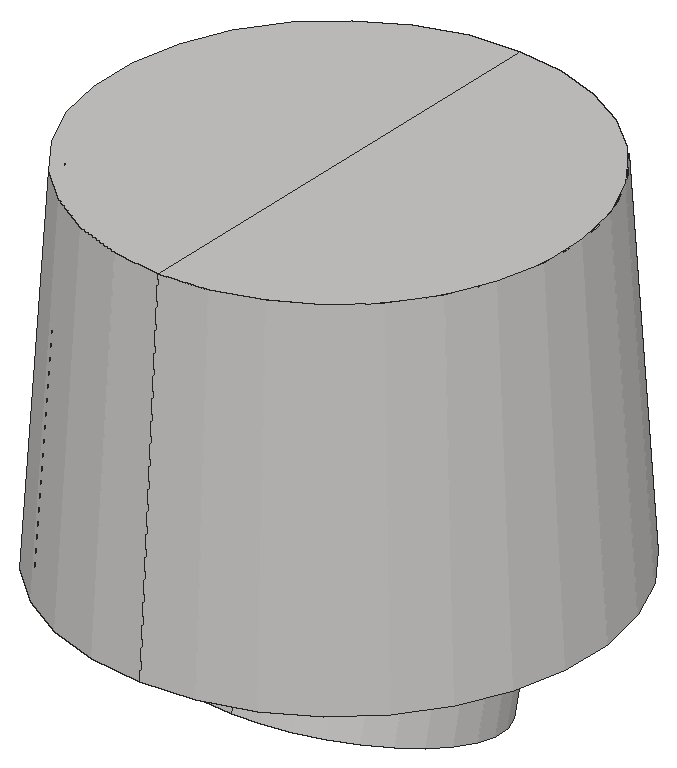
Revit family
Parameters (values of type "120V")
  Wattage = 9.2903 W
  WATT = "50W"
  built-in parameter 1150110 = 1 (stored number, unit not read)
  built-in parameter 1114217 = 1 (stored number, unit not read)
  Tilt Angle = Angle LF  # 15.00°
  built-in parameter 1150109 = 1 (stored number, unit not read)
  built-in parameter 1150134 = 1
  TYPE = "L2"
  built-in parameter 1150113 = 1 (stored number, unit not read)
  built-in parameter 1010507 = 1.5708 (stored number, unit not read)
  built-in parameter 1010506 = 0.5236 (stored number, unit not read)
  SYMBOL = ""
  MANUFACTURE = "DELTA LIGHT"
  built-in parameter 1150105 = 4614.1 (stored number, unit not read)
  Lumens = 1380 lm
  built-in parameter 1150115 = 1 (stored number, unit not read)
  Load Classification = Lighting - Dwelling Unit
  Light Source Symbol Length = 10' - 0"
  built-in parameter 1150137 = (empty or 0)
  built-in parameter 1150139 = (empty or 0)
  built-in parameter 1150112 = 1 (stored number, unit not read)
  built-in parameter 1150114 = 1 (stored number, unit not read)
  LF Angle = 15.00°
  LAMPS = "Osram Sylvania\r\n50 Watt \r\n3000°K"
  built-in parameter 1150132 = (empty or 0)
  built-in parameter 1150102 = (empty or 0)
  built-in parameter 1150107 = 6500 (stored number, unit not read)
  built-in parameter 1150138 = (empty or 0)
  built-in parameter 1150106 = 46.141 (stored number, unit not read)
  Grid Material = Metal - Paint Finish - Dark Gray, Matte
  built-in parameter 1150104 = 13.8 (stored number, unit not read)
  Dimming Lamp Color Temperature Shift = (empty or 0)
  Color Filter = 16777215
  built-in parameter 1140040 [instance] = (empty or 0)
  CATALOG NO. & DESCRIPTION = "202-57-61-00\r\nElectronic Ballast to be 120V/60Hz\r\nGRID IN ZB 1\r\nMounting: Recessed in Ceiling"
  Ballast Voltage = 120 V
  Ballast Number of Poles = 1
  built-in parameter 1114218 = 1 (stored number, unit not read)
  built-in parameter 1150133 = 10 (stored number, unit not read)
  Assembly Code = "D5020210"
  Diffuser Material = Glass - White, High Luminance
  Lamp = "T-12"
  Light Box Material = Metal - Chrome
  Wattage Comments = ""
  Apparent Load = 40 VA
  Angle LF = if(LF Angle > 15.00°, 15.00°, if(LF Angle > -16.00°, LF Angle, 15.00°))  # 15.00°
Reference planes (in)
  plane 1 "Center (Front/Back)": y = -2.34118
  plane 2 "Ceiling": z = 94.77414
  plane 3 "Center (Left/Right)": x = 0
  plane 4 "Light2": z = 90.5
  plane 5: z = 99.77414
  plane 6: z = 100.84757
  plane 7: z = 92.81491
Forms (in)
  Revolve 1, solid, material "Metal - Intense Lighting - Galvanized Steel"
    sketch origin (0, -0.47646, 99.77414) x (0, -0.258819, -0.965926) y (0, 0.965926, -0.258819)
      loop
        line (1.15833, 2.3622) -> (1.15833, 2.16535) -> (7.20472, 2.16535) -> (7.20472, 2.3622) -> (1.15833, 2.3622)
      axis (7.20472, 0) -> (1.15833, 0)
    angle from 0 to 360
  Revolve 2, solid, material "Metal - Intense Lighting - Galvanized Steel"
    sketch origin (0, 0, 0) x (0, 1, 0) y (0, 0, 1)
      loop
        line (1.34076, 100.59757) -> (1.7117, 94.77414) -> (1.90882, 94.77414) -> (1.52196, 100.84757) -> (-2.34118, 100.84757) -> (-2.34118, 100.59757) -> (1.34076, 100.59757)
      axis (-2.34118, 100.84757) -> (-2.34118, 94.77414)
    angle from 0 to 360
  Revolve 3, solid, material "Bulb"
    sketch origin (0, -0.47646, 99.77414) x (0, -0.258819, -0.965926) y (0, 0.965926, -0.258819)
      loop
        line (6.07342, 0) -> (6.07342, -2.16699) -> (6.76091, -2.16699) -> (6.76091, -1.96291)
        arc (6.76091, -1.96291) -> (6.3977, -1.00831) -> (6.23495, 0) r 5.02656
        line (6.23495, 0) -> (6.07342, 0)
      axis (6.76091, 0) -> (6.07342, 0)
    angle from 0 to 360
  Revolve 4, solid, material "Bulb"
    sketch origin (0, -0.47646, 99.77414) x (0, -0.258819, -0.965926) y (0, 0.965926, -0.258819)
      loop
        line (6.07342, -0.10133) -> (6.67262, -0.10133)
        arc (6.67262, -0.10133) -> (6.74427, -0.07165) -> (6.77395, 0) r 0.10133
        line (6.77395, 0) -> (6.07342, 0) -> (6.07342, -0.10133)
      axis (6.77395, 0) -> (6.07342, 0)
    angle from 0 to 360
  Revolve 5, solid, material "Metal - Intense Lighting - Galvanized Steel"
    sketch origin (0, -0.47646, 99.77414) x (0, -0.258819, -0.965926) y (0, 0.965926, -0.258819)
      loop
        line (6.76091, 2.04609) -> (6.76091, 1.96847) -> (6.85933, 1.96847) -> (6.85933, 2.16532) -> (6.69268, 2.16532) -> (6.69268, 2.04609) -> (6.76091, 2.04609)
      axis (6.85933, 0) -> (6.69268, 0)
    angle from 0 to 360
Lines and regions (in)
  Opening 1
    outline origin (0, -1.519, 94.77414) x (1, 0, 0) y (0, 1, 0)
      loop
        circle (0, -0.82218) r 4.25
  symbolic lines
    curve 1: arc (4.25, -2.34118, 0) -> (0, 1.90882, 0) -> (-4.25, -2.34118, 0) r 4.25
    curve 2: arc (-4.25, -2.34118, 0) -> (0, -6.59118, 0) -> (4.25, -2.34118, 0) r 4.25
  reference lines
    curve 3: line (0, 1.22523, 106.12492) -> (0, -2.34118, 92.81491)
Dimensions and locks (in)
  equal spacing: host sketch curve, plane 3 "Center (Left/Right)", host sketch curve
  equal spacing: host sketch curve, plane 1 "Center (Front/Back)", host sketch curve
  host sketch curve to host sketch curve = 10' - 0"  (x2)
  "Angle LF": angle plane 1 "Center (Front/Back)" to curve 3
Automatic sketch dimensions
  curve 1 to curve 2 = 0' - 0"  (x2)
  curve 2 to plane 1 "Center (Front/Back)" = 0' - 0"
  curve 2 to plane 3 "Center (Left/Right)" = 0' - 0"
  curve 1 to curve 1 = 0' - 4 1/4"
  Opening 1 sketch curve to Opening 1 sketch curve = 0' - 0"  (x2)
  Opening 1 sketch curve to plane 3 "Center (Left/Right)" = 0' - 0"
  Opening 1 sketch curve to plane 1 "Center (Front/Back)" = 0' - 0"
  Opening 1 sketch curve to plane 1 "Center (Front/Back)" = 0' - 4 1/4"
  curve 3 to plane 1 "Center (Front/Back)" = 0' - 0"
  plane 7 to curve 3 = 0' - 0"
  Revolve 2 sketch curve to plane 1 "Center (Front/Back)" = 0' - 0"  (x2)
  Revolve 2 sketch curve to plane 6 = 0' - 0"
  Revolve 2 sketch curve to plane 2 "Ceiling" = 0' - 0"
  Revolve 2 sketch curve to plane 6 = 0' - 0 1/4"
  Revolve 2 sketch curve to Revolve 2 sketch curve = 0' - 3.68194"
  Revolve 2 sketch curve to Revolve 2 sketch curve = 0' - 0.1812"
  plane 1 "Center (Front/Back)" to Revolve 2 sketch curve = 0' - 4.05288"
  Revolve 2 sketch curve to Revolve 2 sketch curve = 0' - 0.19712"
  plane 7 to Revolve 2 sketch curve = 0' - 0.98454"
  Revolve 2 sketch curve to Revolve 2 sketch curve = 0' - 0.40939"
  Revolve 3 sketch curve to curve 3 = 0' - 0"  (x2)
  curve 3 to Revolve 3 sketch curve = 0' - 6.5748"
  Revolve 3 sketch curve to curve 3 = 0' - 1.1313"
  Revolve 3 sketch curve to Revolve 3 sketch curve = 0' - 0.16152"
  Revolve 3 sketch curve to curve 3 = 0' - 0.44382"
  Revolve 3 sketch curve to curve 3 = 0' - 0.29266"
  curve 3 to Revolve 3 sketch curve = 0' - 4.04826"
  Revolve 3 sketch curve to Revolve 3 sketch curve = 0' - 2.52655"
  Revolve 3 sketch curve to Revolve 3 sketch curve = 0' - 0.20408"
  Revolve 4 sketch curve to curve 3 = 0' - 0"  (x2)
  curve 3 to Revolve 4 sketch curve = 0' - 6.5748"  (x2)
  Revolve 4 sketch curve to curve 3 = 0' - 1.1313"
  curve 3 to Revolve 4 sketch curve = 0' - 0.10133"
  Revolve 4 sketch curve to curve 3 = 0' - 0.5321"
  Revolve 5 sketch curve to curve 3 = 0' - 0"
  Revolve 5 sketch curve to curve 3 = 0' - 0.34539"
  Revolve 5 sketch curve to Revolve 5 sketch curve = 0' - 0.09843"
  Revolve 5 sketch curve to Revolve 5 sketch curve = 0' - 0.06822"
  curve 3 to Revolve 5 sketch curve = 0' - 6.5748"  (x2)
  curve 3 to Revolve 5 sketch curve = 0' - 1.96847"
  Revolve 5 sketch curve to Revolve 5 sketch curve = 0' - 0.07762"
  Revolve 5 sketch curve to Revolve 5 sketch curve = 0' - 0.11923"
  curve 3 to Revolve 1 sketch curve = 0' - 0"  (x2)
  curve 3 to Revolve 1 sketch curve = 0' - 2.16535"
  curve 3 to Revolve 1 sketch curve = 0' - 2.3622"
  Revolve 1 sketch curve to Revolve 1 sketch curve = 0' - 6.0464"
  Revolve 1 sketch curve to Revolve 1 sketch curve = 0' - 1.15833"
  curve 3 to Revolve 1 sketch curve = 0' - 6.5748"
Connectors (in)
  electrical at (0, -2.34118, 100.84757)
    settings: on Revolve 2, index 1, voltage 0 V, apparent load 0 VA, apparent load phase1 0 VA, apparent load phase2 0 VA, apparent load phase3 0 VA, power factor 1, load classification "Other", number of poles 1, system type 31, power factor state 1, is connector primary yes, connector utility no, sub classification motor no, connector description ""
